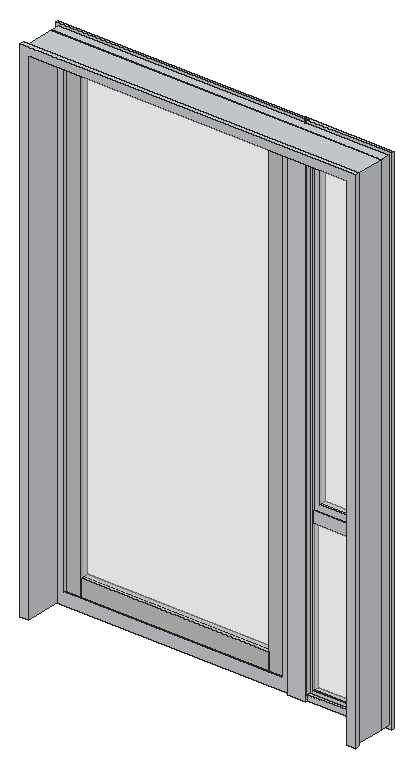
Revit family "APL Residential Thermal Heart Hinged Door with Sidelight", category Doors, host Wall, Revit 2017 (continued)
Definition of nested family "APL Residential Thermal Heart Hinged Door with Sidelight Open Out Horizontal Section"
  Definition of nested family "Coupling Bar"
    Definition of nested family "Open Out Jamb&Hinge"
      Definition of nested family "65210_Lock Stile"
        Lines and regions (mm)
          model lines, in view "Ref. Level"
            curve 214: line (43.5, 67.753, 0) -> (43.5, 64.525, 0)
            curve 215: line (43.5, 64.525, 0) -> (43.694, 63.75, 0)
            curve 216: line (43.5, 63.5, 0) -> (42.979, 63.5, 0)
            curve 217: line (42.979, 63.5, 0) -> (41.569, 64.309, 0)
            curve 218: arc (41.38, 64.663, 0) -> (41.128, 64.668, 0) -> (41, 64.45, 0) r 0.25
            curve 219: arc (30.9, 8.561, 0) -> (31.017, 8.844, 0) -> (31.3, 8.961, 0) r 0.4
            curve 220: arc (31.593, 8.961, 0) -> (31.696, 8.947, 0) -> (31.793, 8.907, 0) r 0.4
            curve 221: arc (33.321, 8.022, 0) -> (33.611, 7.902, 0) -> (33.922, 7.861, 0) r 1.2
            curve 222: arc (34.845, 7.861, 0) -> (35.418, 7.68, 0) -> (35.784, 7.203, 0) r 1
            curve 223: arc (36.577, 5.024, 0) -> (36.724, 4.833, 0) -> (36.953, 4.761, 0) r 0.4
            curve 224: arc (43.447, 4.761, 0) -> (43.676, 4.833, 0) -> (43.823, 5.024, 0) r 0.4
            curve 225: arc (44.616, 7.203, 0) -> (44.982, 7.68, 0) -> (45.555, 7.861, 0) r 1
            curve 226: arc (46.478, 7.861, 0) -> (46.789, 7.902, 0) -> (47.079, 8.022, 0) r 1.2
            curve 227: arc (48.607, 8.907, 0) -> (48.704, 8.947, 0) -> (48.807, 8.961, 0) r 0.4
            curve 228: arc (49.1, 8.961, 0) -> (49.383, 8.844, 0) -> (49.5, 8.561, 0) r 0.4
            curve 229: arc (49.5, 5.161, 0) -> (49.383, 4.878, 0) -> (49.1, 4.761, 0) r 0.4
            curve 230: arc (48.807, 4.761, 0) -> (48.704, 4.775, 0) -> (48.607, 4.815, 0) r 0.4
            curve 231: arc (47.079, 5.699, 0) -> (46.785, 5.821, 0) -> (46.47, 5.861, 0) r 1.2
            curve 232: arc (46.47, 5.861, 0) -> (46.295, 5.808, 0) -> (46.184, 5.664, 0) r 0.3
            curve 233: arc (45.296, 3.224, 0) -> (45.149, 3.033, 0) -> (44.92, 2.961, 0) r 0.4
            curve 234: arc (35.48, 2.961, 0) -> (35.251, 3.033, 0) -> (35.104, 3.224, 0) r 0.4
            curve 235: arc (34.216, 5.664, 0) -> (34.105, 5.808, 0) -> (33.93, 5.861, 0) r 0.3
            curve 236: arc (33.93, 5.861, 0) -> (33.615, 5.821, 0) -> (33.321, 5.699, 0) r 1.2
            curve 237: arc (31.793, 4.815, 0) -> (31.696, 4.775, 0) -> (31.593, 4.761, 0) r 0.4
            curve 238: arc (31.3, 4.761, 0) -> (31.017, 4.878, 0) -> (30.9, 5.161, 0) r 0.4
            curve 239: line (31.3, 8.961, 0) -> (31.593, 8.961, 0)
            curve 240: line (31.793, 8.907, 0) -> (33.321, 8.022, 0)
            curve 241: line (33.922, 7.861, 0) -> (34.845, 7.861, 0)
            curve 242: line (35.784, 7.203, 0) -> (36.577, 5.024, 0)
            curve 243: line (36.953, 4.761, 0) -> (43.447, 4.761, 0)
            curve 244: line (43.823, 5.024, 0) -> (44.616, 7.203, 0)
            curve 245: line (45.555, 7.861, 0) -> (46.478, 7.861, 0)
            curve 246: line (47.079, 8.022, 0) -> (48.607, 8.907, 0)
            curve 247: line (48.807, 8.961, 0) -> (49.1, 8.961, 0)
            curve 248: line (49.5, 8.561, 0) -> (49.5, 5.161, 0)
            curve 249: line (49.1, 4.761, 0) -> (48.807, 4.761, 0)
            curve 250: line (48.607, 4.815, 0) -> (47.079, 5.699, 0)
            curve 251: line (46.184, 5.664, 0) -> (45.296, 3.224, 0)
            curve 252: line (44.92, 2.961, 0) -> (35.48, 2.961, 0)
            curve 253: line (35.104, 3.224, 0) -> (34.216, 5.664, 0)
            curve 254: line (33.321, 5.699, 0) -> (31.793, 4.815, 0)
            curve 255: line (31.593, 4.761, 0) -> (31.3, 4.761, 0)
            curve 256: line (30.9, 5.161, 0) -> (30.9, 8.561, 0)
            curve 257: arc (24.9, 64.439, 0) -> (25.017, 64.156, 0) -> (25.3, 64.039, 0) r 0.4
            curve 258: arc (25.593, 64.039, 0) -> (25.696, 64.053, 0) -> (25.793, 64.093, 0) r 0.4
            curve 259: arc (27.321, 64.978, 0) -> (27.611, 65.098, 0) -> (27.922, 65.139, 0) r 1.2
            curve 260: arc (28.845, 65.139, 0) -> (29.418, 65.32, 0) -> (29.784, 65.797, 0) r 1
            curve 261: arc (30.577, 67.976, 0) -> (30.724, 68.167, 0) -> (30.953, 68.239, 0) r 0.4
            curve 262: arc (37.447, 68.239, 0) -> (37.676, 68.167, 0) -> (37.823, 67.976, 0) r 0.4
            curve 263: arc (38.616, 65.797, 0) -> (38.982, 65.32, 0) -> (39.555, 65.139, 0) r 1
            curve 264: arc (40.478, 65.139, 0) -> (40.789, 65.098, 0) -> (41.079, 64.978, 0) r 1.2
            curve 265: arc (42.607, 64.093, 0) -> (42.704, 64.053, 0) -> (42.807, 64.039, 0) r 0.4
            curve 266: arc (43.1, 64.039, 0) -> (43.383, 64.156, 0) -> (43.5, 64.439, 0) r 0.4
            curve 267: arc (43.5, 67.839, 0) -> (43.383, 68.122, 0) -> (43.1, 68.239, 0) r 0.4
            curve 268: arc (42.807, 68.239, 0) -> (42.704, 68.225, 0) -> (42.607, 68.185, 0) r 0.4
            curve 269: arc (41.079, 67.301, 0) -> (40.785, 67.179, 0) -> (40.47, 67.139, 0) r 1.2
            curve 270: arc (40.47, 67.139, 0) -> (40.295, 67.192, 0) -> (40.184, 67.336, 0) r 0.3
            curve 271: arc (39.296, 69.776, 0) -> (39.149, 69.967, 0) -> (38.92, 70.039, 0) r 0.4
            curve 272: arc (29.48, 70.039, 0) -> (29.251, 69.967, 0) -> (29.104, 69.776, 0) r 0.4
            curve 273: arc (28.216, 67.336, 0) -> (28.105, 67.192, 0) -> (27.93, 67.139, 0) r 0.3
            curve 274: arc (27.93, 67.139, 0) -> (27.615, 67.179, 0) -> (27.321, 67.301, 0) r 1.2
            curve 275: arc (25.793, 68.185, 0) -> (25.696, 68.225, 0) -> (25.593, 68.239, 0) r 0.4
            curve 276: arc (25.3, 68.239, 0) -> (25.017, 68.122, 0) -> (24.9, 67.839, 0) r 0.4
            curve 277: line (25.3, 64.039, 0) -> (25.593, 64.039, 0)
            curve 278: line (25.793, 64.093, 0) -> (27.321, 64.978, 0)
            curve 279: line (27.922, 65.139, 0) -> (28.845, 65.139, 0)
            curve 280: line (29.784, 65.797, 0) -> (30.577, 67.976, 0)
            curve 281: line (30.953, 68.239, 0) -> (37.447, 68.239, 0)
            curve 282: line (37.823, 67.976, 0) -> (38.616, 65.797, 0)
            curve 283: line (39.555, 65.139, 0) -> (40.478, 65.139, 0)
            curve 284: line (41.079, 64.978, 0) -> (42.607, 64.093, 0)
            curve 285: line (42.807, 64.039, 0) -> (43.1, 64.039, 0)
            curve 286: line (43.5, 64.439, 0) -> (43.5, 67.839, 0)
            curve 287: line (43.1, 68.239, 0) -> (42.807, 68.239, 0)
            curve 288: line (42.607, 68.185, 0) -> (41.079, 67.301, 0)
            curve 289: line (40.184, 67.336, 0) -> (39.296, 69.776, 0)
            curve 290: line (38.92, 70.039, 0) -> (29.48, 70.039, 0)
            curve 291: line (29.104, 69.776, 0) -> (28.216, 67.336, 0)
            curve 292: line (27.321, 67.301, 0) -> (25.793, 68.185, 0)
            curve 293: line (25.593, 68.239, 0) -> (25.3, 68.239, 0)
            curve 294: line (24.9, 67.839, 0) -> (24.9, 64.439, 0)
        Text (mm)
          text "65210" at (8.097, 105.51, 0), in view "Ref. Level"
    Definition of nested family "65190_Coupling Bar"
      Reference planes
        plane 1 "Center (Front/Back)": y = 0
        plane 2: z = 0
        plane 3 "Center (Left/Right)": x = 0
      Lines and regions (mm)
        model lines, in view "Ref. Level"
          curve 1: arc (3.069, 38.775, 0) -> (3.048, 39.263, 0) -> (2.622, 39.5, 0) r 0.5
          curve 2: arc (-7.1, 39.5, 0) -> (-7.453, 39.354, 0) -> (-7.6, 39, 0) r 0.5
          curve 3: arc (-7.6, 14.758, 0) -> (-7.453, 14.404, 0) -> (-7.1, 14.258, 0) r 0.5
          curve 4: arc (2.498, 14.258, 0) -> (2.866, 14.419, 0) -> (2.996, 14.8, 0) r 0.5
          curve 5: arc (2.996, 14.8, 0) -> (3.4, 15.493, 0) -> (4.189, 15.352, 0) r 0.7
          curve 6: arc (4.189, 15.352, 0) -> (5.5, 14.808, 0) -> (6.81, 15.352, 0) r 1.85
          curve 7: arc (6.81, 15.352, 0) -> (6.947, 15.459, 0) -> (7.105, 15.528, 0) r 0.7
          curve 8: arc (7.105, 15.528, 0) -> (7.292, 15.632, 0) -> (7.418, 15.804, 0) r 0.5
          curve 9: arc (7.418, 15.804, 0) -> (7.6, 16.658, 0) -> (7.418, 17.512, 0) r 2.1
          curve 10: arc (7.418, 17.512, 0) -> (7.292, 17.684, 0) -> (7.105, 17.787, 0) r 0.5
          curve 11: arc (7.105, 17.787, 0) -> (6.947, 17.857, 0) -> (6.81, 17.964, 0) r 0.7
          curve 12: arc (6.81, 17.964, 0) -> (5.5, 18.508, 0) -> (4.189, 17.964, 0) r 1.85
          curve 13: arc (4.189, 17.964, 0) -> (3.2, 17.962, 0) -> (3.198, 18.952, 0) r 0.7
          curve 14: arc (3.198, 18.952, 0) -> (4.94, 19.859, 0) -> (6.887, 19.597, 0) r 3.25
          curve 15: arc (6.887, 19.597, 0) -> (7.368, 19.627, 0) -> (7.6, 20.049, 0) r 0.5
          curve 16: arc (7.6, 33.269, 0) -> (7.368, 33.691, 0) -> (6.887, 33.721, 0) r 0.5
          curve 17: arc (6.887, 33.721, 0) -> (4.94, 33.459, 0) -> (3.198, 34.366, 0) r 3.25
          curve 18: arc (3.198, 34.366, 0) -> (3.2, 35.356, 0) -> (4.189, 35.355, 0) r 0.7
          curve 19: arc (4.189, 35.355, 0) -> (5.5, 34.81, 0) -> (6.81, 35.355, 0) r 1.85
          curve 20: arc (6.81, 35.355, 0) -> (6.947, 35.461, 0) -> (7.105, 35.531, 0) r 0.7
          curve 21: arc (7.105, 35.531, 0) -> (7.292, 35.635, 0) -> (7.418, 35.807, 0) r 0.5
          curve 22: arc (7.418, 35.807, 0) -> (7.6, 36.66, 0) -> (7.418, 37.514, 0) r 2.1
          curve 23: arc (7.418, 37.514, 0) -> (7.292, 37.686, 0) -> (7.105, 37.79, 0) r 0.5
          curve 24: arc (7.105, 37.79, 0) -> (6.947, 37.86, 0) -> (6.81, 37.966, 0) r 0.7
          curve 25: arc (6.81, 37.966, 0) -> (5.5, 38.51, 0) -> (4.189, 37.966, 0) r 1.85
          curve 26: arc (4.189, 37.966, 0) -> (3.284, 37.893, 0) -> (3.069, 38.775, 0) r 0.7
          curve 27: arc (-3.309, 43.331, 0) -> (-3.479, 43.329, 0) -> (-3.611, 43.435, 0) r 0.25
          curve 28: arc (-3.663, 43.52, 0) -> (-3.679, 43.75, 0) -> (-3.5, 43.895, 0) r 0.25
          curve 29: arc (-3.5, 44.145, 0) -> (-3.441, 44.287, 0) -> (-3.3, 44.345, 0) r 0.2
          curve 30: arc (-2.484, 44.345, 0) -> (-2.272, 44.298, 0) -> (-2.1, 44.165, 0) r 0.5
          curve 31: arc (-0.154, 41.83, 0) -> (0, 41.758, 0) -> (0.154, 41.83, 0) r 0.2
          curve 32: arc (2.1, 44.165, 0) -> (2.272, 44.298, 0) -> (2.484, 44.345, 0) r 0.5
          curve 33: arc (3.3, 44.345, 0) -> (3.441, 44.287, 0) -> (3.5, 44.145, 0) r 0.2
          curve 34: arc (3.5, 43.895, 0) -> (3.679, 43.75, 0) -> (3.663, 43.52, 0) r 0.25
          curve 35: arc (3.611, 43.435, 0) -> (3.479, 43.329, 0) -> (3.309, 43.331, 0) r 0.25
          curve 36: arc (2.544, 42.078, 0) -> (2.511, 42.003, 0) -> (2.5, 41.922, 0) r 0.3
          curve 37: arc (2.5, 41.4, 0) -> (2.577, 41.242, 0) -> (2.75, 41.207, 0) r 0.2
          curve 38: arc (6.753, 41.4, 0) -> (6.875, 41.374, 0) -> (6.976, 41.3, 0) r 0.3
          curve 39: arc (6.976, 41.3, 0) -> (7.307, 41.22, 0) -> (7.5, 41.5, 0) r 0.3
          curve 40: arc (6.957, 43.721, 0) -> (6.905, 43.811, 0) -> (6.815, 43.862, 0) r 0.2
          curve 41: arc (6.648, 43.907, 0) -> (6.507, 44.049, 0) -> (6.558, 44.242, 0) r 0.2
          curve 42: arc (6.922, 44.606, 0) -> (7.008, 44.665, 0) -> (7.108, 44.692, 0) r 0.3
          curve 43: arc (9.474, 44.899, 0) -> (9.738, 44.783, 0) -> (9.782, 44.498, 0) r 0.3
          curve 44: arc (9.268, 43.087, 0) -> (9.181, 42.961, 0) -> (9.043, 42.895, 0) r 0.3
          curve 45: arc (9.043, 42.895, 0) -> (8.801, 42.623, 0) -> (9, 42.318, 0) r 0.3
          curve 46: arc (9, 13.358, 0) -> (8.853, 13.004, 0) -> (8.5, 12.858, 0) r 0.5
          curve 47: arc (1.027, 12.858, 0) -> (0.92, 12.827, 0) -> (0.846, 12.742, 0) r 0.2
          curve 48: arc (0.5, 10.7, 0) -> (0.559, 10.559, 0) -> (0.7, 10.5, 0) r 0.2
          curve 49: arc (6.2, 10.5, 0) -> (6.8, 9.9, 0) -> (6.2, 9.3, 0) r 0.6
          curve 50: arc (1.7, 9.3, 0) -> (1.559, 9.241, 0) -> (1.5, 9.1, 0) r 0.2
          curve 51: arc (1.5, 7.5, 0) -> (1.441, 7.359, 0) -> (1.3, 7.3, 0) r 0.2
          curve 52: arc (1, 7.3, 0) -> (0.859, 7.241, 0) -> (0.8, 7.1, 0) r 0.2
          curve 53: arc (0.8, 3.8, 0) -> (0.859, 3.659, 0) -> (1, 3.6, 0) r 0.2
          curve 54: arc (1.3, 3.6, 0) -> (1.441, 3.541, 0) -> (1.5, 3.4, 0) r 0.2
          curve 55: arc (1.5, 1.8, 0) -> (1.559, 1.659, 0) -> (1.7, 1.6, 0) r 0.2
          curve 56: arc (8.2, 1.6, 0) -> (9, 0.8, 0) -> (8.2, 0, 0) r 0.8
          curve 57: arc (-8.2, 0, 0) -> (-9, 0.8, 0) -> (-8.2, 1.6, 0) r 0.8
          curve 58: arc (-1.7, 1.6, 0) -> (-1.559, 1.659, 0) -> (-1.5, 1.8, 0) r 0.2
          curve 59: arc (-1.5, 3.4, 0) -> (-1.441, 3.541, 0) -> (-1.3, 3.6, 0) r 0.2
          curve 60: arc (-1, 3.6, 0) -> (-0.859, 3.659, 0) -> (-0.8, 3.8, 0) r 0.2
          curve 61: arc (-0.8, 7.1, 0) -> (-0.859, 7.241, 0) -> (-1, 7.3, 0) r 0.2
          curve 62: arc (-1.3, 7.3, 0) -> (-1.441, 7.359, 0) -> (-1.5, 7.5, 0) r 0.2
          curve 63: arc (-1.5, 9.1, 0) -> (-1.559, 9.241, 0) -> (-1.7, 9.3, 0) r 0.2
          curve 64: arc (-6.2, 9.3, 0) -> (-6.8, 9.9, 0) -> (-6.2, 10.5, 0) r 0.6
          curve 65: arc (-0.7, 10.5, 0) -> (-0.559, 10.559, 0) -> (-0.5, 10.7, 0) r 0.2
          curve 66: arc (-0.846, 12.742, 0) -> (-0.92, 12.827, 0) -> (-1.027, 12.858, 0) r 0.2
          curve 67: arc (-8.5, 12.858, 0) -> (-8.853, 13.004, 0) -> (-9, 13.358, 0) r 0.5
          curve 68: arc (-9, 42.318, 0) -> (-8.801, 42.623, 0) -> (-9.043, 42.895, 0) r 0.3
          curve 69: arc (-9.043, 42.895, 0) -> (-9.181, 42.961, 0) -> (-9.268, 43.087, 0) r 0.3
          curve 70: arc (-9.782, 44.498, 0) -> (-9.738, 44.783, 0) -> (-9.474, 44.899, 0) r 0.3
          curve 71: arc (-7.108, 44.692, 0) -> (-7.008, 44.665, 0) -> (-6.922, 44.606, 0) r 0.3
          curve 72: arc (-6.558, 44.242, 0) -> (-6.507, 44.049, 0) -> (-6.648, 43.907, 0) r 0.2
          curve 73: arc (-6.815, 43.862, 0) -> (-6.905, 43.811, 0) -> (-6.957, 43.721, 0) r 0.2
          curve 74: arc (-7.5, 41.5, 0) -> (-7.307, 41.22, 0) -> (-6.976, 41.3, 0) r 0.3
          curve 75: arc (-6.976, 41.3, 0) -> (-6.875, 41.374, 0) -> (-6.753, 41.4, 0) r 0.3
          curve 76: arc (-2.75, 41.207, 0) -> (-2.577, 41.242, 0) -> (-2.5, 41.4, 0) r 0.2
          curve 77: arc (-2.5, 41.922, 0) -> (-2.511, 42.003, 0) -> (-2.544, 42.078, 0) r 0.3
          curve 78: line (2.622, 39.5, 0) -> (-7.1, 39.5, 0)
          curve 79: line (-7.6, 39, 0) -> (-7.6, 14.758, 0)
          curve 80: line (-7.1, 14.258, 0) -> (2.498, 14.258, 0)
          curve 81: line (7.6, 20.049, 0) -> (7.6, 33.269, 0)
          curve 82: line (-3.5, 43.895, 0) -> (-3.5, 44.145, 0)
          curve 83: line (-3.3, 44.345, 0) -> (-2.484, 44.345, 0)
          curve 84: line (-2.1, 44.165, 0) -> (-0.154, 41.83, 0)
          curve 85: line (0.154, 41.83, 0) -> (2.1, 44.165, 0)
          curve 86: line (2.484, 44.345, 0) -> (3.3, 44.345, 0)
          curve 87: line (3.5, 44.145, 0) -> (3.5, 43.895, 0)
          curve 88: line (3.309, 43.331, 0) -> (2.544, 42.078, 0)
          curve 89: line (2.544, 42.078, 0) -> (2.5, 41.4, 0)
          curve 90: line (2.75, 41.207, 0) -> (3.5, 41.4, 0)
          curve 91: line (3.475, 41.394, 0) -> (6.753, 41.4, 0)
          curve 92: line (7.5, 41.655, 0) -> (6.957, 43.721, 0)
          curve 93: line (6.957, 43.721, 0) -> (6.648, 43.907, 0)
          curve 94: line (6.558, 44.242, 0) -> (6.922, 44.606, 0)
          curve 95: line (7.108, 44.692, 0) -> (9.474, 44.899, 0)
          curve 96: line (9.782, 44.498, 0) -> (9.268, 43.087, 0)
          curve 97: line (9, 42.318, 0) -> (9, 13.358, 0)
          curve 98: line (8.5, 12.858, 0) -> (1.027, 12.858, 0)
          curve 99: line (0.846, 12.742, 0) -> (0.519, 12.04, 0)
          curve 100: line (0.519, 12.04, 0) -> (0.5, 10.7, 0)
          curve 101: line (0.7, 10.5, 0) -> (6.2, 10.5, 0)
          curve 102: line (6.2, 9.3, 0) -> (1.7, 9.3, 0)
          curve 103: line (1.5, 9.1, 0) -> (1.5, 7.5, 0)
          curve 104: line (1.3, 7.3, 0) -> (1, 7.3, 0)
          curve 105: line (0.8, 7.1, 0) -> (0.8, 3.8, 0)
          curve 106: line (1, 3.6, 0) -> (1.3, 3.6, 0)
          curve 107: line (1.5, 3.4, 0) -> (1.5, 1.8, 0)
          curve 108: line (1.7, 1.6, 0) -> (8.2, 1.6, 0)
          curve 109: line (8.2, 0, 0) -> (-8.2, 0, 0)
          curve 110: line (-8.2, 1.6, 0) -> (-1.7, 1.6, 0)
          curve 111: line (-1.5, 1.8, 0) -> (-1.5, 3.4, 0)
          curve 112: line (-1.3, 3.6, 0) -> (-1, 3.6, 0)
          curve 113: line (-0.8, 3.8, 0) -> (-0.8, 7.1, 0)
          curve 114: line (-1, 7.3, 0) -> (-1.3, 7.3, 0)
          curve 115: line (-1.5, 7.5, 0) -> (-1.5, 9.1, 0)
          curve 116: line (-1.7, 9.3, 0) -> (-6.2, 9.3, 0)
          curve 117: line (-6.2, 10.5, 0) -> (-0.7, 10.5, 0)
          curve 118: line (-0.5, 10.7, 0) -> (-0.5, 11.956, 0)
          curve 119: line (-0.5, 11.956, 0) -> (-0.846, 12.742, 0)
          curve 120: line (-1.027, 12.858, 0) -> (-8.5, 12.858, 0)
          curve 121: line (-9, 13.358, 0) -> (-9, 16.258, 0)
          curve 122: line (-9, 16.258, 0) -> (-8.6, 16.658, 0)
          curve 123: line (-8.6, 16.658, 0) -> (-9, 17.058, 0)
          curve 124: line (-9, 17.058, 0) -> (-9, 36.26, 0)
          curve 125: line (-9, 36.26, 0) -> (-8.6, 36.66, 0)
          curve 126: line (-8.6, 36.66, 0) -> (-9, 37.06, 0)
          curve 127: line (-9, 37.06, 0) -> (-9, 42.318, 0)
          curve 128: line (-9.268, 43.087, 0) -> (-9.782, 44.498, 0)
          curve 129: line (-9.474, 44.899, 0) -> (-7.108, 44.692, 0)
          curve 130: line (-6.922, 44.606, 0) -> (-6.558, 44.242, 0)
          curve 131: line (-6.648, 43.907, 0) -> (-6.815, 43.862, 0)
          curve 132: line (-6.815, 43.862, 0) -> (-7.49, 41.732, 0)
          curve 133: line (-7.49, 41.732, 0) -> (-7.5, 41.5, 0)
          curve 134: line (-6.753, 41.4, 0) -> (-3.525, 41.4, 0)
          curve 135: line (-3.525, 41.4, 0) -> (-2.75, 41.207, 0)
          curve 136: line (-2.5, 41.4, 0) -> (-2.5, 41.922, 0)
          curve 137: line (-2.5, 41.922, 0) -> (-3.309, 43.331, 0)
          curve 138: arc (-3.4, 41.4, 0) -> (-3.117, 41.518, 0) -> (-3, 41.8, 0) r 0.4
          curve 139: arc (-3, 42.093, 0) -> (-3.014, 42.197, 0) -> (-3.054, 42.293, 0) r 0.4
          curve 140: arc (-3.938, 43.821, 0) -> (-4.059, 44.111, 0) -> (-4.1, 44.423, 0) r 1.2
          curve 141: arc (-4.1, 45.345, 0) -> (-4.281, 45.919, 0) -> (-4.758, 46.285, 0) r 1
          curve 142: arc (-6.937, 47.078, 0) -> (-7.128, 47.224, 0) -> (-7.2, 47.454, 0) r 0.4
          curve 143: arc (-7.2, 50.147, 0) -> (-7.128, 50.377, 0) -> (-6.937, 50.523, 0) r 0.4
          curve 144: arc (-4.758, 51.316, 0) -> (-4.281, 51.682, 0) -> (-4.1, 52.256, 0) r 1
          curve 145: arc (-4.1, 53.178, 0) -> (-4.059, 53.489, 0) -> (-3.938, 53.779, 0) r 1.2
          curve 146: arc (-3.054, 55.307, 0) -> (-3.014, 55.404, 0) -> (-3, 55.508, 0) r 0.4
          curve 147: arc (-3, 55.8, 0) -> (-3.117, 56.083, 0) -> (-3.4, 56.2, 0) r 0.4
          curve 148: arc (-6.8, 56.2, 0) -> (-7.083, 56.083, 0) -> (-7.2, 55.8, 0) r 0.4
          curve 149: arc (-7.2, 55.508, 0) -> (-7.186, 55.404, 0) -> (-7.146, 55.307, 0) r 0.4
          curve 150: arc (-6.261, 53.779, 0) -> (-6.14, 53.485, 0) -> (-6.1, 53.17, 0) r 1.2
          curve 151: arc (-6.1, 53.17, 0) -> (-6.153, 52.996, 0) -> (-6.297, 52.884, 0) r 0.3
          curve 152: arc (-8.737, 51.996, 0) -> (-8.928, 51.85, 0) -> (-9, 51.62, 0) r 0.4
          curve 153: arc (-9, 45.98, 0) -> (-8.928, 45.751, 0) -> (-8.737, 45.605, 0) r 0.4
          curve 154: arc (-6.297, 44.717, 0) -> (-6.153, 44.605, 0) -> (-6.1, 44.431, 0) r 0.3
          curve 155: arc (-6.1, 44.431, 0) -> (-6.14, 44.115, 0) -> (-6.261, 43.821, 0) r 1.2
          curve 156: arc (-7.146, 42.293, 0) -> (-7.186, 42.197, 0) -> (-7.2, 42.093, 0) r 0.4
          curve 157: arc (-7.2, 41.8, 0) -> (-7.083, 41.518, 0) -> (-6.8, 41.4, 0) r 0.4
          curve 158: line (-3, 41.8, 0) -> (-3, 42.093, 0)
          curve 159: line (-3.054, 42.293, 0) -> (-3.938, 43.821, 0)
          curve 160: line (-4.1, 44.423, 0) -> (-4.1, 45.345, 0)
          curve 161: line (-4.758, 46.285, 0) -> (-6.937, 47.078, 0)
          curve 162: line (-7.2, 47.454, 0) -> (-7.2, 50.147, 0)
          curve 163: line (-6.937, 50.523, 0) -> (-4.758, 51.316, 0)
          curve 164: line (-4.1, 52.256, 0) -> (-4.1, 53.178, 0)
          curve 165: line (-3.938, 53.779, 0) -> (-3.054, 55.307, 0)
          curve 166: line (-3, 55.508, 0) -> (-3, 55.8, 0)
          curve 167: line (-3.4, 56.2, 0) -> (-6.8, 56.2, 0)
          curve 168: line (-7.2, 55.8, 0) -> (-7.2, 55.508, 0)
          curve 169: line (-7.146, 55.307, 0) -> (-6.261, 53.779, 0)
          curve 170: line (-6.297, 52.884, 0) -> (-8.737, 51.996, 0)
          curve 171: line (-9, 51.62, 0) -> (-9, 45.98, 0)
          curve 172: line (-8.737, 45.605, 0) -> (-6.297, 44.717, 0)
          curve 173: line (-6.261, 43.821, 0) -> (-7.146, 42.293, 0)
          curve 174: line (-7.2, 42.093, 0) -> (-7.2, 41.8, 0)
          curve 175: line (-6.8, 41.4, 0) -> (-3.4, 41.4, 0)
          curve 176: arc (-19.6, 66.4, 0) -> (-19.953, 66.253, 0) -> (-20.1, 65.9, 0) r 0.5
          curve 177: arc (-20.1, 58.6, 0) -> (-19.953, 58.247, 0) -> (-19.6, 58.1, 0) r 0.5
          curve 178: arc (19.6, 58.1, 0) -> (19.953, 58.247, 0) -> (20.1, 58.6, 0) r 0.5
          curve 179: arc (20.1, 65.898, 0) -> (19.954, 66.253, 0) -> (19.6, 66.4, 0) r 0.5
          curve 180: arc (6.957, 53.88, 0) -> (6.905, 53.79, 0) -> (6.815, 53.738, 0) r 0.2
          curve 181: arc (6.648, 53.694, 0) -> (6.507, 53.552, 0) -> (6.558, 53.359, 0) r 0.2
          curve 182: arc (6.922, 52.995, 0) -> (7.008, 52.935, 0) -> (7.108, 52.908, 0) r 0.3
          curve 183: arc (9.474, 52.702, 0) -> (9.738, 52.818, 0) -> (9.782, 53.103, 0) r 0.3
          curve 184: arc (9.268, 54.514, 0) -> (9.181, 54.64, 0) -> (9.043, 54.706, 0) r 0.3
          curve 185: arc (9.043, 54.706, 0) -> (8.801, 54.978, 0) -> (9, 55.283, 0) r 0.3
          curve 186: arc (9, 56.6, 0) -> (9.058, 56.742, 0) -> (9.2, 56.8, 0) r 0.2
          curve 187: arc (21, 56.8, 0) -> (21.353, 56.947, 0) -> (21.5, 57.3, 0) r 0.5
          curve 188: arc (21.5, 65.9, 0) -> (21.646, 66.253, 0) -> (22, 66.4, 0) r 0.5
          curve 189: arc (41.15, 66.4, 0) -> (41.857, 66.107, 0) -> (42.15, 65.4, 0) r 1
          curve 190: arc (42.15, 60.631, 0) -> (42.09, 60.394, 0) -> (41.924, 60.213, 0) r 0.5
          curve 191: arc (41.924, 60.213, 0) -> (41.246, 59.474, 0) -> (41, 58.5, 0) r 2.05
          curve 192: arc (41, 56.5, 0) -> (41.7, 55.8, 0) -> (42.4, 56.5, 0) r 0.7
          curve 193: arc (42.4, 58.5, 0) -> (42.68, 59.035, 0) -> (43.279, 59.108, 0) r 0.65
          curve 194: arc (43.279, 59.108, 0) -> (43.464, 59.131, 0) -> (43.55, 59.295, 0) r 0.2
          curve 195: arc (43.55, 67.5, 0) -> (43.403, 67.853, 0) -> (43.05, 68, 0) r 0.5
          curve 196: arc (-43.05, 68, 0) -> (-43.403, 67.853, 0) -> (-43.55, 67.5, 0) r 0.5
          curve 197: arc (-43.55, 59.295, 0) -> (-43.464, 59.131, 0) -> (-43.279, 59.108, 0) r 0.2
          curve 198: arc (-43.279, 59.108, 0) -> (-42.68, 59.035, 0) -> (-42.4, 58.5, 0) r 0.65
          curve 199: arc (-42.4, 56.5, 0) -> (-41.7, 55.8, 0) -> (-41, 56.5, 0) r 0.7
          curve 200: arc (-41, 58.5, 0) -> (-41.246, 59.474, 0) -> (-41.924, 60.213, 0) r 2.05
          curve 201: arc (-41.924, 60.213, 0) -> (-42.09, 60.394, 0) -> (-42.15, 60.631, 0) r 0.5
          curve 202: arc (-42.15, 65.4, 0) -> (-41.857, 66.107, 0) -> (-41.15, 66.4, 0) r 1
          curve 203: arc (-22, 66.4, 0) -> (-21.646, 66.253, 0) -> (-21.5, 65.9, 0) r 0.5
          curve 204: arc (-21.5, 57.3, 0) -> (-21.353, 56.947, 0) -> (-21, 56.8, 0) r 0.5
          curve 205: arc (-9.2, 56.8, 0) -> (-9.058, 56.742, 0) -> (-9, 56.6, 0) r 0.2
          curve 206: arc (-9, 55.283, 0) -> (-8.801, 54.978, 0) -> (-9.043, 54.706, 0) r 0.3
          curve 207: arc (-9.043, 54.706, 0) -> (-9.181, 54.64, 0) -> (-9.268, 54.514, 0) r 0.3
          curve 208: arc (-9.782, 53.103, 0) -> (-9.738, 52.818, 0) -> (-9.474, 52.702, 0) r 0.3
          curve 209: arc (-7.108, 52.908, 0) -> (-7.008, 52.935, 0) -> (-6.922, 52.995, 0) r 0.3
          curve 210: arc (-6.558, 53.359, 0) -> (-6.507, 53.552, 0) -> (-6.648, 53.694, 0) r 0.2
          curve 211: arc (-6.815, 53.738, 0) -> (-6.905, 53.79, 0) -> (-6.957, 53.88, 0) r 0.2
          curve 212: arc (-7.5, 56.1, 0) -> (-7.307, 56.381, 0) -> (-6.976, 56.3, 0) r 0.3
          curve 213: arc (-6.976, 56.3, 0) -> (-6.875, 56.227, 0) -> (-6.753, 56.2, 0) r 0.3
          curve 214: arc (-2.75, 56.394, 0) -> (-2.577, 56.359, 0) -> (-2.5, 56.2, 0) r 0.2
          curve 215: arc (-2.5, 55.679, 0) -> (-2.511, 55.598, 0) -> (-2.544, 55.523, 0) r 0.3
          curve 216: arc (-3.309, 54.269, 0) -> (-3.479, 54.272, 0) -> (-3.611, 54.166, 0) r 0.25
          curve 217: arc (-3.663, 54.081, 0) -> (-3.679, 53.851, 0) -> (-3.5, 53.705, 0) r 0.25
          curve 218: arc (-3.5, 53.455, 0) -> (-3.441, 53.314, 0) -> (-3.3, 53.255, 0) r 0.2
          curve 219: arc (-2.484, 53.255, 0) -> (-2.272, 53.303, 0) -> (-2.1, 53.435, 0) r 0.5
          curve 220: arc (-0.154, 55.771, 0) -> (0, 55.843, 0) -> (0.154, 55.771, 0) r 0.2
          curve 221: arc (2.1, 53.435, 0) -> (2.272, 53.303, 0) -> (2.484, 53.255, 0) r 0.5
          curve 222: arc (3.3, 53.255, 0) -> (3.441, 53.314, 0) -> (3.5, 53.455, 0) r 0.2
          curve 223: arc (3.5, 53.705, 0) -> (3.679, 53.851, 0) -> (3.663, 54.081, 0) r 0.25
          curve 224: arc (3.611, 54.166, 0) -> (3.479, 54.272, 0) -> (3.309, 54.269, 0) r 0.25
          curve 225: arc (2.544, 55.523, 0) -> (2.511, 55.598, 0) -> (2.5, 55.679, 0) r 0.3
          curve 226: arc (2.5, 56.2, 0) -> (2.577, 56.359, 0) -> (2.75, 56.394, 0) r 0.2
          curve 227: line (19.6, 66.4, 0) -> (-19.6, 66.4, 0)
          curve 228: line (-20.1, 65.9, 0) -> (-20.1, 58.6, 0)
          curve 229: line (-19.6, 58.1, 0) -> (19.6, 58.1, 0)
          curve 230: line (20.1, 58.6, 0) -> (20.1, 65.898, 0)
          curve 231: line (7.5, 55.946, 0) -> (6.957, 53.88, 0)
          curve 232: line (6.957, 53.88, 0) -> (6.648, 53.694, 0)
          curve 233: line (6.558, 53.359, 0) -> (6.922, 52.995, 0)
          curve 234: line (7.108, 52.908, 0) -> (9.474, 52.702, 0)
          curve 235: line (9.782, 53.103, 0) -> (9.268, 54.514, 0)
          curve 236: line (9, 55.283, 0) -> (9, 56.6, 0)
          curve 237: line (9.2, 56.8, 0) -> (21, 56.8, 0)
          curve 238: line (21.5, 57.3, 0) -> (21.5, 65.9, 0)
          curve 239: line (22, 66.4, 0) -> (41.15, 66.4, 0)
          curve 240: line (42.15, 65.4, 0) -> (42.15, 60.631, 0)
          curve 241: line (41, 58.5, 0) -> (41, 56.5, 0)
          curve 242: line (42.4, 56.5, 0) -> (42.4, 58.5, 0)
          curve 243: line (43.55, 59.295, 0) -> (43.55, 67.5, 0)
          curve 244: line (43.05, 68, 0) -> (-43.05, 68, 0)
          curve 245: line (-43.55, 67.5, 0) -> (-43.55, 59.295, 0)
          curve 246: line (-42.4, 58.5, 0) -> (-42.4, 56.5, 0)
          curve 247: line (-41, 56.5, 0) -> (-41, 58.5, 0)
          curve 248: line (-42.15, 60.631, 0) -> (-42.15, 65.4, 0)
          curve 249: line (-41.15, 66.4, 0) -> (-22, 66.4, 0)
          curve 250: line (-21.5, 65.9, 0) -> (-21.5, 57.3, 0)
          curve 251: line (-21, 56.8, 0) -> (-9.2, 56.8, 0)
          curve 252: line (-9, 56.6, 0) -> (-9, 55.283, 0)
          curve 253: line (-9.268, 54.514, 0) -> (-9.782, 53.103, 0)
          curve 254: line (-9.474, 52.702, 0) -> (-7.108, 52.908, 0)
          curve 255: line (-6.922, 52.995, 0) -> (-6.558, 53.359, 0)
          curve 256: line (-6.648, 53.694, 0) -> (-6.815, 53.738, 0)
          curve 257: line (-6.815, 53.738, 0) -> (-7.49, 55.868, 0)
          curve 258: line (-7.49, 55.868, 0) -> (-7.5, 56.1, 0)
          curve 259: line (-6.753, 56.2, 0) -> (-3.525, 56.2, 0)
          curve 260: line (-3.525, 56.2, 0) -> (-2.75, 56.394, 0)
          curve 261: line (-2.5, 56.2, 0) -> (-2.5, 55.679, 0)
          curve 262: line (-2.5, 55.679, 0) -> (-3.309, 54.269, 0)
          curve 263: line (-3.5, 53.705, 0) -> (-3.5, 53.455, 0)
          curve 264: line (-3.3, 53.255, 0) -> (-2.484, 53.255, 0)
          curve 265: line (-2.1, 53.435, 0) -> (-0.154, 55.771, 0)
          curve 266: line (0.154, 55.771, 0) -> (2.1, 53.435, 0)
          curve 267: line (2.484, 53.255, 0) -> (3.3, 53.255, 0)
          curve 268: line (3.5, 53.455, 0) -> (3.5, 53.705, 0)
          curve 269: line (3.309, 54.269, 0) -> (2.544, 55.523, 0)
          curve 270: line (2.544, 55.523, 0) -> (2.5, 56.2, 0)
          curve 271: line (2.75, 56.394, 0) -> (3.5, 56.2, 0)
          curve 272: line (3.475, 56.207, 0) -> (6.753, 56.2, 0)
          curve 273: arc (6.753, 56.2, 0) -> (6.875, 56.227, 0) -> (6.976, 56.3, 0) r 0.3
          curve 274: arc (6.976, 56.3, 0) -> (7.307, 56.381, 0) -> (7.5, 56.1, 0) r 0.3
          curve 275: arc (3.4, 41.4, 0) -> (3.117, 41.518, 0) -> (3, 41.8, 0) r 0.4
          curve 276: arc (3, 42.093, 0) -> (3.014, 42.197, 0) -> (3.054, 42.293, 0) r 0.4
          curve 277: arc (3.938, 43.821, 0) -> (4.059, 44.111, 0) -> (4.1, 44.423, 0) r 1.2
          curve 278: arc (4.1, 45.345, 0) -> (4.281, 45.919, 0) -> (4.758, 46.285, 0) r 1
          curve 279: arc (6.937, 47.078, 0) -> (7.128, 47.224, 0) -> (7.2, 47.454, 0) r 0.4
          curve 280: arc (7.2, 50.147, 0) -> (7.128, 50.377, 0) -> (6.937, 50.523, 0) r 0.4
          curve 281: arc (4.758, 51.316, 0) -> (4.281, 51.682, 0) -> (4.1, 52.256, 0) r 1
          curve 282: arc (4.1, 53.178, 0) -> (4.059, 53.489, 0) -> (3.938, 53.779, 0) r 1.2
          curve 283: arc (3.054, 55.307, 0) -> (3.014, 55.404, 0) -> (3, 55.508, 0) r 0.4
          curve 284: arc (3, 55.8, 0) -> (3.117, 56.083, 0) -> (3.4, 56.2, 0) r 0.4
          curve 285: arc (6.8, 56.2, 0) -> (7.083, 56.083, 0) -> (7.2, 55.8, 0) r 0.4
          curve 286: arc (7.2, 55.508, 0) -> (7.186, 55.404, 0) -> (7.146, 55.307, 0) r 0.4
          curve 287: arc (6.261, 53.779, 0) -> (6.14, 53.485, 0) -> (6.1, 53.17, 0) r 1.2
          curve 288: arc (6.1, 53.17, 0) -> (6.153, 52.996, 0) -> (6.297, 52.884, 0) r 0.3
          curve 289: arc (8.737, 51.996, 0) -> (8.928, 51.85, 0) -> (9, 51.62, 0) r 0.4
          curve 290: arc (9, 45.98, 0) -> (8.928, 45.751, 0) -> (8.737, 45.605, 0) r 0.4
          curve 291: arc (6.297, 44.717, 0) -> (6.153, 44.605, 0) -> (6.1, 44.431, 0) r 0.3
          curve 292: arc (6.1, 44.431, 0) -> (6.14, 44.115, 0) -> (6.261, 43.821, 0) r 1.2
          curve 293: arc (7.146, 42.293, 0) -> (7.186, 42.197, 0) -> (7.2, 42.093, 0) r 0.4
          curve 294: arc (7.2, 41.8, 0) -> (7.083, 41.518, 0) -> (6.8, 41.4, 0) r 0.4
          curve 295: line (3, 41.8, 0) -> (3, 42.093, 0)
          curve 296: line (3.054, 42.293, 0) -> (3.938, 43.821, 0)
          curve 297: line (4.1, 44.423, 0) -> (4.1, 45.345, 0)
          curve 298: line (4.758, 46.285, 0) -> (6.937, 47.078, 0)
          curve 299: line (7.2, 47.454, 0) -> (7.2, 50.147, 0)
          curve 300: line (6.937, 50.523, 0) -> (4.758, 51.316, 0)
          curve 301: line (4.1, 52.256, 0) -> (4.1, 53.178, 0)
          curve 302: line (3.938, 53.779, 0) -> (3.054, 55.307, 0)
          curve 303: line (3, 55.508, 0) -> (3, 55.8, 0)
          curve 304: line (3.4, 56.2, 0) -> (6.8, 56.2, 0)
          curve 305: line (7.2, 55.8, 0) -> (7.2, 55.508, 0)
          curve 306: line (7.146, 55.307, 0) -> (6.261, 53.779, 0)
          curve 307: line (6.297, 52.884, 0) -> (8.737, 51.996, 0)
          curve 308: line (9, 51.62, 0) -> (9, 45.98, 0)
          curve 309: line (8.737, 45.605, 0) -> (6.297, 44.717, 0)
          curve 310: line (6.261, 43.821, 0) -> (7.146, 42.293, 0)
          curve 311: line (7.2, 42.093, 0) -> (7.2, 41.8, 0)
          curve 312: line (6.8, 41.4, 0) -> (3.4, 41.4, 0)
      Text (mm)
        text "05190" at (19.368, 96.122, 0), in view "Ref. Level"
    Definition of nested family "Frame Sash"
      Reference planes
        plane 1 "Center (Front/Back)": y = 0
        plane 2: z = 0
        plane 3 "Center (Left/Right)": x = 0
      Lines and regions (mm)
        detail lines, in view "Ref. Level"
          curve 1: arc (34.982, 25.356, 0) -> (34.672, 25.496, 0) -> (34.509, 25.197, 0) r 0.25
          curve 2: arc (34.536, 15.309, 0) -> (34.698, 15.009, 0) -> (35.008, 15.149, 0) r 0.25
          curve 3: line (34.509, 25.197, 0) -> (35.503, 21.329, 0)
          curve 4: line (35.503, 21.329, 0) -> (34.5, 20.75, 0)
          curve 5: line (34.5, 20.75, 0) -> (34.5, 19.75, 0)
          curve 6: line (34.5, 19.75, 0) -> (35.525, 19.158, 0)
          curve 7: line (35.525, 19.158, 0) -> (34.536, 15.309, 0)
          curve 8: line (35.008, 15.149, 0) -> (36.732, 19.25, 0)
          curve 9: line (36.732, 19.25, 0) -> (38, 19.25, 0)
          curve 10: line (38, 19.25, 0) -> (38, 18, 0)
          curve 11: line (38, 18, 0) -> (39, 18, 0)
          curve 12: line (39, 18, 0) -> (39, 22.5, 0)
          curve 13: line (39, 22.5, 0) -> (38, 22.5, 0)
          curve 14: line (38, 22.5, 0) -> (38, 21.25, 0)
          curve 15: line (38, 21.25, 0) -> (36.708, 21.25, 0)
          curve 16: line (36.708, 21.25, 0) -> (34.982, 25.356, 0)
        detail lines, in view "Ref. Level", not visible
          curve 17: arc (33.161, -9.933, 0) -> (32.851, -9.793, 0) -> (32.689, -10.092, 0) r 0.25
          curve 18: arc (32.715, -19.98, 0) -> (32.877, -20.279, 0) -> (33.188, -20.139, 0) r 0.25
          curve 19: line (32.689, -10.092, 0) -> (33.683, -13.959, 0)
          curve 20: line (33.683, -13.959, 0) -> (32.679, -14.539, 0)
          curve 21: line (32.679, -14.539, 0) -> (32.679, -15.539, 0)
          curve 22: line (32.679, -15.539, 0) -> (33.705, -16.131, 0)
          curve 23: line (33.705, -16.131, 0) -> (32.715, -19.98, 0)
          curve 24: line (33.188, -20.139, 0) -> (34.912, -16.039, 0)
          curve 25: line (34.912, -16.039, 0) -> (36.179, -16.039, 0)
          curve 26: line (36.179, -16.039, 0) -> (36.179, -17.289, 0)
          curve 27: line (36.179, -17.289, 0) -> (37.179, -17.289, 0)
          curve 28: line (37.179, -17.289, 0) -> (37.179, -12.789, 0)
          curve 29: line (37.179, -12.789, 0) -> (36.179, -12.789, 0)
          curve 30: line (36.179, -12.789, 0) -> (36.179, -14.039, 0)
          curve 31: line (36.179, -14.039, 0) -> (34.887, -14.039, 0)
          curve 32: line (34.887, -14.039, 0) -> (33.161, -9.933, 0)
      Nested families
        nested 1: "65720_Sash" at (-6.3, 14.5, 0), type "65720_Sash", in view "Ref. Level"
        nested 2: "65180_Sidelight Frame" at (36.7, 51.5, 0) x (0, -1, 0) z (0, 0, 1), type "65180_Sidelight Frame", in view "Ref. Level"
      Definition of nested family "65720_Sash"
        Reference planes
          plane 1 "Center (Front/Back)": y = 0
          plane 2: z = 0
          plane 3 "Center (Left/Right)": x = 0
        Lines and regions (mm)
          detail lines, in view "Ref. Level"
            curve 1: arc (-0.482, 17.85, 0) -> (-0.172, 17.71, 0) -> (-0.009, 18.009, 0) r 0.25
            curve 2: arc (-0.036, 27.897, 0) -> (-0.198, 28.196, 0) -> (-0.508, 28.056, 0) r 0.25
            curve 3: line (-0.009, 18.009, 0) -> (-1.003, 21.876, 0)
            curve 4: line (-1.003, 21.876, 0) -> (0, 22.455, 0)
            curve 5: line (0, 22.455, 0) -> (0, 23.455, 0)
            curve 6: line (0, 23.455, 0) -> (-1.025, 24.047, 0)
            curve 7: line (-1.025, 24.047, 0) -> (-0.036, 27.897, 0)
            curve 8: line (-0.508, 28.056, 0) -> (-2.232, 23.955, 0)
            curve 9: line (-2.232, 23.955, 0) -> (-3.5, 23.955, 0)
            curve 10: line (-3.5, 23.955, 0) -> (-3.5, 25.205, 0)
            curve 11: line (-3.5, 25.205, 0) -> (-4.5, 25.205, 0)
            curve 12: line (-4.5, 25.205, 0) -> (-4.5, 20.705, 0)
            curve 13: line (-4.5, 20.705, 0) -> (-3.5, 20.705, 0)
            curve 14: line (-3.5, 20.705, 0) -> (-3.5, 21.955, 0)
            curve 15: line (-3.5, 21.955, 0) -> (-2.208, 21.955, 0)
            curve 16: line (-2.208, 21.955, 0) -> (-0.482, 17.85, 0)
          detail lines, in view "Ref. Level", not visible
            curve 17: arc (33.161, -9.933, 0) -> (32.851, -9.793, 0) -> (32.689, -10.092, 0) r 0.25
            curve 18: arc (32.715, -19.98, 0) -> (32.877, -20.279, 0) -> (33.188, -20.139, 0) r 0.25
            curve 19: line (32.689, -10.092, 0) -> (33.683, -13.959, 0)
            curve 20: line (33.683, -13.959, 0) -> (32.679, -14.539, 0)
            curve 21: line (32.679, -14.539, 0) -> (32.679, -15.539, 0)
            curve 22: line (32.679, -15.539, 0) -> (33.705, -16.131, 0)
            curve 23: line (33.705, -16.131, 0) -> (32.715, -19.98, 0)
            curve 24: line (33.188, -20.139, 0) -> (34.912, -16.039, 0)
            curve 25: line (34.912, -16.039, 0) -> (36.179, -16.039, 0)
            curve 26: line (36.179, -16.039, 0) -> (36.179, -17.289, 0)
            curve 27: line (36.179, -17.289, 0) -> (37.179, -17.289, 0)
            curve 28: line (37.179, -17.289, 0) -> (37.179, -12.789, 0)
            curve 29: line (37.179, -12.789, 0) -> (36.179, -12.789, 0)
            curve 30: line (36.179, -12.789, 0) -> (36.179, -14.039, 0)
            curve 31: line (36.179, -14.039, 0) -> (34.887, -14.039, 0)
            curve 32: line (34.887, -14.039, 0) -> (33.161, -9.933, 0)
          model lines, in view "Ref. Level"
            curve 33: arc (17.915, 0.146, 0) -> (17.978, 0, 0) -> (17.915, -0.146, 0) r 0.2
            curve 34: arc (17.915, -0.146, 0) -> (17.682, -0.477, 0) -> (17.6, -0.874, 0) r 1
            curve 35: arc (17.6, -2.45, 0) -> (17.728, -2.668, 0) -> (17.98, -2.663, 0) r 0.25
            curve 36: arc (18.066, -2.611, 0) -> (18.172, -2.479, 0) -> (18.169, -2.309, 0) r 0.25
            curve 37: arc (19.422, -1.544, 0) -> (19.498, -1.511, 0) -> (19.579, -1.5, 0) r 0.3
            curve 38: arc (20.1, -1.5, 0) -> (20.258, -1.578, 0) -> (20.294, -1.75, 0) r 0.2
            curve 39: arc (20.1, -5.753, 0) -> (20.126, -5.875, 0) -> (20.2, -5.976, 0) r 0.3
            curve 40: arc (20.2, -5.976, 0) -> (20.28, -6.307, 0) -> (20, -6.5, 0) r 0.3
            curve 41: arc (17.779, -5.957, 0) -> (17.69, -5.905, 0) -> (17.638, -5.816, 0) r 0.2
            curve 42: arc (17.593, -5.648, 0) -> (17.452, -5.507, 0) -> (17.259, -5.559, 0) r 0.2
            curve 43: arc (16.895, -5.922, 0) -> (16.835, -6.008, 0) -> (16.808, -6.108, 0) r 0.3
            curve 44: arc (16.601, -8.474, 0) -> (16.717, -8.738, 0) -> (17.003, -8.782, 0) r 0.3
            curve 45: arc (18.413, -8.268, 0) -> (18.539, -8.181, 0) -> (18.605, -8.043, 0) r 0.3
            curve 46: arc (18.605, -8.043, 0) -> (18.878, -7.801, 0) -> (19.183, -8, 0) r 0.3
            curve 47: arc (38.5, -8, 0) -> (38.855, -8.145, 0) -> (39, -8.5, 0) r 0.496
            curve 48: arc (37.5, -13.6, 0) -> (36.793, -13.893, 0) -> (36.5, -14.6, 0) r 1
            curve 49: arc (36.5, -15.098, 0) -> (37, -15.599, 0) -> (37.5, -15.099, 0) r 0.5
            curve 50: arc (39.4, -19.8, 0) -> (39.1, -20.1, 0) -> (39.4, -20.4, 0) r 0.3
            curve 51: arc (37.5, -24.002, 0) -> (37.354, -23.647, 0) -> (37, -23.5, 0) r 0.5
            curve 52: arc (36.001, -23.5, 0) -> (35.859, -23.441, 0) -> (35.8, -23.3, 0) r 0.2
            curve 53: arc (35.8, -23.308, 0) -> (35.697, -23.003, 0) -> (35.429, -22.825, 0) r 0.5
            curve 54: arc (34.552, -22.589, 0) -> (34.378, -22.624, 0) -> (34.3, -22.783, 0) r 0.2
            curve 55: arc (34.52, -24.835, 0) -> (34.588, -24.953, 0) -> (34.717, -25, 0) r 0.2
            curve 56: arc (36, -26.8, 0) -> (36.059, -26.941, 0) -> (36.2, -27, 0) r 0.2
            curve 57: arc (40.6, -27, 0) -> (40.741, -26.941, 0) -> (40.8, -26.8, 0) r 0.2
            curve 58: arc (40.8, 9.2, 0) -> (40.2, 9.801, 0) -> (39.6, 9.2, 0) r 0.6
            curve 59: arc (34.719, 4.17, 0) -> (34.38, 4.303, 0) -> (34.221, 4.63, 0) r 0.5
            curve 60: arc (34.221, 4.63, 0) -> (34.008, 5.519, 0) -> (33.531, 6.299, 0) r 2.93
            curve 61: arc (33.531, 6.299, 0) -> (33.518, 6.54, 0) -> (33.747, 6.618, 0) r 0.2
            curve 62: arc (33.747, 6.618, 0) -> (34.115, 6.712, 0) -> (34.181, 7.087, 0) r 0.35
            curve 63: arc (34.181, 7.087, 0) -> (33.629, 7.751, 0) -> (32.801, 8, 0) r 1.498
            curve 64: arc (19.183, 8, 0) -> (18.878, 7.801, 0) -> (18.605, 8.043, 0) r 0.3
            curve 65: arc (18.605, 8.043, 0) -> (18.539, 8.181, 0) -> (18.413, 8.268, 0) r 0.3
            curve 66: arc (17.003, 8.782, 0) -> (16.717, 8.738, 0) -> (16.601, 8.474, 0) r 0.3
            curve 67: arc (16.808, 6.108, 0) -> (16.835, 6.008, 0) -> (16.895, 5.922, 0) r 0.3
            curve 68: arc (17.259, 5.559, 0) -> (17.452, 5.507, 0) -> (17.593, 5.648, 0) r 0.2
            curve 69: arc (17.638, 5.816, 0) -> (17.69, 5.905, 0) -> (17.779, 5.957, 0) r 0.2
            curve 70: arc (20, 6.5, 0) -> (20.28, 6.307, 0) -> (20.2, 5.976, 0) r 0.3
            curve 71: arc (20.2, 5.976, 0) -> (20.126, 5.875, 0) -> (20.1, 5.753, 0) r 0.3
            curve 72: arc (20.294, 1.75, 0) -> (20.258, 1.578, 0) -> (20.1, 1.5, 0) r 0.2
            curve 73: arc (19.579, 1.5, 0) -> (19.498, 1.511, 0) -> (19.423, 1.544, 0) r 0.3
            curve 74: arc (18.169, 2.309, 0) -> (18.172, 2.479, 0) -> (18.066, 2.611, 0) r 0.25
            curve 75: arc (17.98, 2.663, 0) -> (17.728, 2.668, 0) -> (17.6, 2.45, 0) r 0.25
            curve 76: arc (17.6, 0.874, 0) -> (17.682, 0.477, 0) -> (17.915, 0.146, 0) r 1
            curve 77: arc (28.892, 6.6, 0) -> (29.073, 6.485, 0) -> (29.046, 6.272, 0) r 0.2
            curve 78: arc (29.046, 6.272, 0) -> (28.37, 4.41, 0) -> (29.034, 2.543, 0) r 2.93
            curve 79: arc (29.034, 2.543, 0) -> (30.019, 2.445, 0) -> (30.116, 3.43, 0) r 0.7
            curve 80: arc (30.116, 3.43, 0) -> (29.77, 4.4, 0) -> (30.116, 5.37, 0) r 1.53
            curve 81: arc (30.116, 5.37, 0) -> (30.208, 5.514, 0) -> (30.262, 5.676, 0) r 0.7
            curve 82: arc (30.262, 5.676, 0) -> (30.359, 5.888, 0) -> (30.541, 6.032, 0) r 0.5
            curve 83: arc (30.541, 6.032, 0) -> (31.3, 6.2, 0) -> (32.059, 6.032, 0) r 1.8
            curve 84: arc (32.059, 6.032, 0) -> (32.241, 5.888, 0) -> (32.338, 5.676, 0) r 0.5
            curve 85: arc (32.338, 5.676, 0) -> (32.392, 5.514, 0) -> (32.484, 5.37, 0) r 0.7
            curve 86: arc (32.484, 5.37, 0) -> (32.83, 4.4, 0) -> (32.484, 3.43, 0) r 1.53
            curve 87: arc (32.484, 3.43, 0) -> (32.581, 2.445, 0) -> (33.566, 2.543, 0) r 0.7
            curve 88: arc (33.566, 2.543, 0) -> (33.647, 2.645, 0) -> (33.722, 2.751, 0) r 2.93
            curve 89: arc (33.722, 2.751, 0) -> (33.902, 2.912, 0) -> (34.135, 2.97, 0) r 0.5
            curve 90: arc (38.899, 2.97, 0) -> (39.253, 2.824, 0) -> (39.4, 2.47, 0) r 0.5
            curve 91: arc (39.4, -6.3, 0) -> (39.254, -6.654, 0) -> (38.9, -6.8, 0) r 0.5
            curve 92: arc (22.502, -6.8, 0) -> (22.147, -6.654, 0) -> (22, -6.3, 0) r 0.5
            curve 93: line (17.6, -0.874, 0) -> (17.6, -2.45, 0)
            curve 94: line (18.169, -2.309, 0) -> (19.422, -1.544, 0)
            curve 95: line (19.422, -1.544, 0) -> (20.1, -1.5, 0)
            curve 96: line (20.294, -1.75, 0) -> (20.106, -2.475, 0)
            curve 97: line (20.106, -2.475, 0) -> (20.1, -5.753, 0)
            curve 98: line (19.846, -6.5, 0) -> (17.779, -5.957, 0)
            curve 99: line (17.779, -5.957, 0) -> (17.593, -5.648, 0)
            curve 100: line (17.259, -5.559, 0) -> (16.895, -5.922, 0)
            curve 101: line (16.808, -6.108, 0) -> (16.601, -8.474, 0)
            curve 102: line (17.003, -8.782, 0) -> (18.413, -8.268, 0)
            curve 103: line (19.183, -8, 0) -> (38.5, -8, 0)
            curve 104: line (39, -8.5, 0) -> (39, -13.6, 0)
            curve 105: line (39, -13.6, 0) -> (37.5, -13.6, 0)
            curve 106: line (36.5, -14.6, 0) -> (36.5, -15.098, 0)
            curve 107: line (37.5, -15.099, 0) -> (37.5, -14.6, 0)
            curve 108: line (37.5, -14.6, 0) -> (39.4, -14.6, 0)
            curve 109: line (39.4, -14.6, 0) -> (39.4, -19.8, 0)
            curve 110: line (39.4, -20.4, 0) -> (39.4, -25.6, 0)
            curve 111: line (39.4, -25.6, 0) -> (37.5, -25.6, 0)
            curve 112: line (37.5, -25.6, 0) -> (37.5, -24.002, 0)
            curve 113: line (37, -23.5, 0) -> (36.001, -23.5, 0)
            curve 114: line (35.429, -22.825, 0) -> (34.552, -22.589, 0)
            curve 115: line (34.3, -22.783, 0) -> (34.3, -23.589, 0)
            curve 116: line (34.3, -23.589, 0) -> (34.52, -24.835, 0)
            curve 117: line (34.717, -25, 0) -> (36, -25, 0)
            curve 118: line (36, -25, 0) -> (36, -26.8, 0)
            curve 119: line (36.2, -27, 0) -> (40.6, -27, 0)
            curve 120: line (40.8, -26.8, 0) -> (40.8, 9.2, 0)
            curve 121: line (39.6, 9.2, 0) -> (39.6, 4.17, 0)
            curve 122: line (39.6, 4.17, 0) -> (34.719, 4.17, 0)
            curve 123: line (32.801, 8, 0) -> (24.7, 8, 0)
            curve 124: line (24.7, 8, 0) -> (24.3, 7.6, 0)
            curve 125: line (24.3, 7.6, 0) -> (23.9, 8, 0)
            curve 126: line (23.9, 8, 0) -> (19.183, 8, 0)
            curve 127: line (18.413, 8.268, 0) -> (17.003, 8.782, 0)
            curve 128: line (16.601, 8.474, 0) -> (16.808, 6.108, 0)
            curve 129: line (16.895, 5.922, 0) -> (17.259, 5.559, 0)
            curve 130: line (17.593, 5.648, 0) -> (17.638, 5.816, 0)
            curve 131: line (17.638, 5.816, 0) -> (19.768, 6.49, 0)
            curve 132: line (19.768, 6.49, 0) -> (20, 6.5, 0)
            curve 133: line (20.1, 5.753, 0) -> (20.1, 2.525, 0)
            curve 134: line (20.1, 2.525, 0) -> (20.294, 1.75, 0)
            curve 135: line (20.1, 1.5, 0) -> (19.579, 1.5, 0)
            curve 136: line (19.579, 1.5, 0) -> (18.169, 2.309, 0)
            curve 137: line (17.6, 2.45, 0) -> (17.6, 0.874, 0)
            curve 138: line (22.5, 6.6, 0) -> (28.892, 6.6, 0)
            curve 139: line (34.135, 2.97, 0) -> (38.899, 2.97, 0)
            curve 140: line (39.4, 2.47, 0) -> (39.4, -6.3, 0)
            curve 141: line (38.9, -6.8, 0) -> (22.502, -6.8, 0)
            curve 142: line (22, -6.3, 0) -> (22, 6.1, 0)
            curve 143: arc (22, 6.1, 0) -> (22.146, 6.454, 0) -> (22.5, 6.6, 0) r 0.5
            curve 144: arc (12.714, 14.359, 0) -> (13.138, 14.183, 0) -> (13.314, 13.759, 0) r 0.6
            curve 145: arc (13.633, 5.978, 0) -> (13.937, 5.291, 0) -> (14.633, 5.009, 0) r 1
            curve 146: arc (17.054, 5.009, 0) -> (17.364, 5.05, 0) -> (17.654, 5.17, 0) r 1.2
            curve 147: arc (19.714, 6.209, 0) -> (19.996, 6.092, 0) -> (20.114, 5.809, 0) r 0.4
            curve 148: arc (20.014, 4.834, 0) -> (19.955, 4.693, 0) -> (19.814, 4.634, 0) r 0.2
            curve 149: arc (19.617, 4.653, 0) -> (19.041, 4.615, 0) -> (18.764, 4.109, 0) r 0.6
            curve 150: arc (18.764, 4.109, 0) -> (19.041, 3.603, 0) -> (19.617, 3.565, 0) r 0.6
            curve 151: arc (19.814, 3.584, 0) -> (19.955, 3.525, 0) -> (20.014, 3.384, 0) r 0.2
            curve 152: arc (20.114, 2.409, 0) -> (19.996, 2.126, 0) -> (19.714, 2.009, 0) r 0.4
            curve 153: arc (17.654, 3.048, 0) -> (17.364, 3.168, 0) -> (17.054, 3.209, 0) r 1.2
            curve 154: arc (8.374, 3.209, 0) -> (8.063, 3.168, 0) -> (7.774, 3.048, 0) r 1.2
            curve 155: arc (5.714, 2.009, 0) -> (5.431, 2.126, 0) -> (5.314, 2.409, 0) r 0.4
            curve 156: arc (5.414, 3.384, 0) -> (5.472, 3.525, 0) -> (5.614, 3.584, 0) r 0.2
            curve 157: arc (5.81, 3.565, 0) -> (6.386, 3.603, 0) -> (6.664, 4.109, 0) r 0.6
            curve 158: arc (6.664, 4.109, 0) -> (6.386, 4.615, 0) -> (5.81, 4.653, 0) r 0.6
            curve 159: arc (5.614, 4.634, 0) -> (5.472, 4.693, 0) -> (5.414, 4.834, 0) r 0.2
            curve 160: arc (5.314, 5.809, 0) -> (5.431, 6.092, 0) -> (5.714, 6.209, 0) r 0.4
            curve 161: arc (7.774, 5.17, 0) -> (8.063, 5.05, 0) -> (8.374, 5.009, 0) r 1.2
            curve 162: arc (10.794, 5.009, 0) -> (11.49, 5.291, 0) -> (11.794, 5.978, 0) r 1
            curve 163: line (13.314, 13.759, 0) -> (13.633, 5.978, 0)
            curve 164: line (14.633, 5.009, 0) -> (16.946, 5.009, 0)
            curve 165: line (17.654, 5.17, 0) -> (18.414, 5.609, 0)
            curve 166: line (18.414, 5.609, 0) -> (19.407, 6.182, 0)
            curve 167: line (19.407, 6.182, 0) -> (19.714, 6.209, 0)
            curve 168: line (20.114, 5.809, 0) -> (20.114, 5.309, 0)
            curve 169: line (20.114, 5.309, 0) -> (20.014, 4.834, 0)
            curve 170: line (20.014, 3.384, 0) -> (20.014, 3.009, 0)
            curve 171: line (20.014, 3.009, 0) -> (20.114, 2.409, 0)
            curve 172: line (19.714, 2.009, 0) -> (19.507, 2.009, 0)
            curve 173: line (19.507, 2.009, 0) -> (18.414, 2.609, 0)
            curve 174: line (18.414, 2.609, 0) -> (17.654, 3.048, 0)
            curve 175: line (16.946, 3.209, 0) -> (12.714, 3.209, 0)
            curve 176: line (12.714, 3.209, 0) -> (8.374, 3.209, 0)
            curve 177: line (7.774, 3.048, 0) -> (6.02, 2.036, 0)
            curve 178: line (6.02, 2.036, 0) -> (5.714, 2.009, 0)
            curve 179: line (5.314, 2.409, 0) -> (5.314, 2.909, 0)
            curve 180: line (5.314, 2.909, 0) -> (5.414, 3.384, 0)
            curve 181: line (5.414, 4.834, 0) -> (5.414, 5.209, 0)
            curve 182: line (5.414, 5.209, 0) -> (5.314, 5.809, 0)
            curve 183: line (5.714, 6.209, 0) -> (5.92, 6.209, 0)
            curve 184: line (5.92, 6.209, 0) -> (7.774, 5.17, 0)
            curve 185: line (8.374, 5.009, 0) -> (10.794, 5.009, 0)
            curve 186: line (11.794, 5.978, 0) -> (12.114, 13.768, 0)
            curve 187: arc (12.114, 13.768, 0) -> (12.293, 14.187, 0) -> (12.714, 14.359, 0) r 0.6
            curve 188: arc (5.3, -2.4, 0) -> (5.417, -2.117, 0) -> (5.7, -2, 0) r 0.4
            curve 189: arc (5.993, -2, 0) -> (6.096, -2.014, 0) -> (6.193, -2.054, 0) r 0.4
            curve 190: arc (7.721, -2.939, 0) -> (8.011, -3.059, 0) -> (8.322, -3.1, 0) r 1.2
            curve 191: arc (9.245, -3.1, 0) -> (9.818, -3.281, 0) -> (10.184, -3.758, 0) r 1
            curve 192: arc (10.977, -5.937, 0) -> (11.124, -6.128, 0) -> (11.353, -6.2, 0) r 0.4
            curve 193: arc (14.047, -6.2, 0) -> (14.276, -6.128, 0) -> (14.423, -5.937, 0) r 0.4
            curve 194: arc (15.216, -3.758, 0) -> (15.582, -3.281, 0) -> (16.155, -3.1, 0) r 1
            curve 195: arc (17.078, -3.1, 0) -> (17.389, -3.059, 0) -> (17.679, -2.939, 0) r 1.2
            curve 196: arc (19.207, -2.054, 0) -> (19.304, -2.014, 0) -> (19.407, -2, 0) r 0.4
            curve 197: arc (19.7, -2, 0) -> (19.983, -2.117, 0) -> (20.1, -2.4, 0) r 0.4
            curve 198: arc (20.1, -5.8, 0) -> (19.983, -6.083, 0) -> (19.7, -6.2, 0) r 0.4
            curve 199: arc (19.407, -6.2, 0) -> (19.304, -6.186, 0) -> (19.207, -6.146, 0) r 0.4
            curve 200: arc (17.679, -5.261, 0) -> (17.385, -5.14, 0) -> (17.07, -5.1, 0) r 1.2
            curve 201: arc (17.07, -5.1, 0) -> (16.895, -5.153, 0) -> (16.784, -5.297, 0) r 0.3
            curve 202: arc (15.896, -7.737, 0) -> (15.749, -7.928, 0) -> (15.52, -8, 0) r 0.4
            curve 203: arc (9.88, -8, 0) -> (9.651, -7.928, 0) -> (9.504, -7.737, 0) r 0.4
            curve 204: arc (8.616, -5.297, 0) -> (8.505, -5.153, 0) -> (8.33, -5.1, 0) r 0.3
            curve 205: arc (8.33, -5.1, 0) -> (8.015, -5.14, 0) -> (7.721, -5.261, 0) r 1.2
            curve 206: arc (6.193, -6.146, 0) -> (6.096, -6.186, 0) -> (5.993, -6.2, 0) r 0.4
            curve 207: arc (5.7, -6.2, 0) -> (5.417, -6.083, 0) -> (5.3, -5.8, 0) r 0.4
            curve 208: line (5.7, -2, 0) -> (5.993, -2, 0)
            curve 209: line (6.193, -2.054, 0) -> (7.721, -2.939, 0)
            curve 210: line (8.322, -3.1, 0) -> (9.245, -3.1, 0)
            curve 211: line (10.184, -3.758, 0) -> (10.977, -5.937, 0)
            curve 212: line (11.353, -6.2, 0) -> (14.047, -6.2, 0)
            curve 213: line (14.423, -5.937, 0) -> (15.216, -3.758, 0)
            curve 214: line (16.155, -3.1, 0) -> (17.078, -3.1, 0)
            curve 215: line (17.679, -2.939, 0) -> (19.207, -2.054, 0)
            curve 216: line (19.407, -2, 0) -> (19.7, -2, 0)
            curve 217: line (20.1, -2.4, 0) -> (20.1, -5.8, 0)
            curve 218: line (19.7, -6.2, 0) -> (19.407, -6.2, 0)
            curve 219: line (19.207, -6.146, 0) -> (17.679, -5.261, 0)
            curve 220: line (16.784, -5.297, 0) -> (15.896, -7.737, 0)
            curve 221: line (15.52, -8, 0) -> (9.88, -8, 0)
            curve 222: line (9.504, -7.737, 0) -> (8.616, -5.297, 0)
            curve 223: line (7.721, -5.261, 0) -> (6.193, -6.146, 0)
            curve 224: line (5.993, -6.2, 0) -> (5.7, -6.2, 0)
